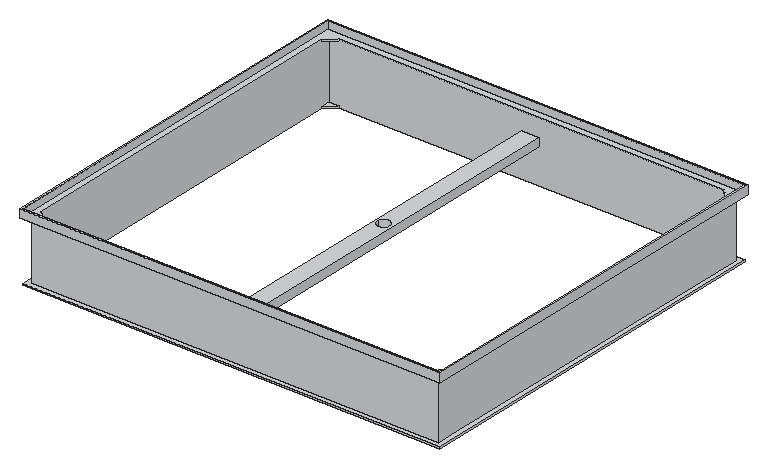
Revit family "Interceptor_Grease_Extension-Zurn-GT2700-6-EXT", category Plumbing Fixtures, Revit 2022
Family settings
  Round Connector Dimension = Use Radius
  Part Type = Normal
  OmniClass Number = 23.45.30.00
  OmniClass Title = Washing and Waste Disposal Equipment
  Work Plane-Based = No
  Always vertical = Yes
  Cut with Voids When Loaded = No
  Maintain Annotation Orientation = No
  Shared = No
  Room Calculation Point = No
Parameters (values of type "Load Family Type Catalog")
  Waste Connection = 1 = 1  # yes
  WFU = 1  # constant formula
  Vent Connection = 1 = 0  # no
  URL = "www.zurn.com"
  Type Comments = "JP2700-100-6-EXT"
  Product data url = "https://www.bimobject.com/en-us/zurnindustries/product/zurn-gt2700-6-ext"
  Product Page URL = "https://www.zurn.com/products/drainage-interceptors/interceptors/grease-interceptor/gt2700-6-ext"
  Product Documentation Link = "https://files.zurn.com/spec-sheets/jp2700.pdf"
  Modified Date = "01/07/2026"  # constant formula
  Model = "JP2700-6"
  Manufacurer Brand = "Zurn"  # constant formula
  Manufacturer = "Zurn Water, LLC"  # constant formula
  Main Material = Steel - Zurn  - A.R.E Coated
  HWFU = 0  # constant formula
  HW Connection = 1 = 0  # no
  Dimension "U" = 33.375"
  Dimension "R" = 36.250"
  Description = "GREASE TRAP EXTENSION"  # constant formula
  Default Elevation = 20.000"  # constant formula
  Date Created = "06/27/2025"  # constant formula
  CWFU = 0  # constant formula
  CW Connection = 1 = 0  # no
  Assembly Code = "D2090300"
  Approx. Weight (Lbs) = 30.000"
Reference planes (in)
  plane 1 "Center (Front/Back)": y = 0
  plane 2: z = 0
  plane 3 "Center (Left/Right)": x = 0
  plane 4: x = -18.125
  plane 5: x = 18.125
  plane 6: x = -18.25
  plane 7: x = 18.25
  plane 8: x = -17.844
  plane 9: x = 17.844
  plane 10: x = -17.969
  plane 11: x = 17.969
  plane 12: y = 16.6875
  plane 13: y = -16.6875
  plane 14: z = 5.25
  plane 15: z = 5.375
  plane 16 "Center L/S": z = 5.25
  plane 17 "Main": z = 6
  plane 18: z = 0.125
  plane 19: y = 16.8125
Forms (in)
  Sweep 1, solid, material "Steel - Zurn  - A.R.E Coated" <- "Main Material", detail levels fine
    path origin (0, 0, 6.75) x (-1, 0, 0) y (0, -1, 0)
      loop
        line (18.25, -16.6875) -> (18.25, 16.6875) -> (-18.25, 16.6875) -> (-18.25, -16.6875) -> (18.25, -16.6875)
    profile origin (0, 16.6875, 6.75) x (0, 1, 0) y (0, 0, 1)
      loop
        line (0.125, -0.75) -> (0, -0.75) -> (0, -1.375) -> (-0.5625, -1.375) -> (-0.5625, -6.75) -> (0, -6.75) -> (0, -6.625) -> (-0.4375, -6.625) -> (-0.4375, -1.5) -> (0.125, -1.5) -> (0.125, -0.75)
  Extrusion 2, solid, material "Steel - Zurn  - A.R.E Coated" <- "Main Material", detail levels fine
    sketch origin (0, 16.6875, 6.75) x (0, 1, 0) y (0, 0, 1)
      loop
        line (-0.69448, -2.875) -> (-32.68052, -2.875) -> (-32.68052, -3.625) -> (-0.69448, -3.625) -> (-0.69448, -2.875)
    from -0.75 to 0.75
  Extrusion 3, void
    sketch origin (0, 0, 0) x (1, 0, 0) y (0, 1, 0)
      loop
        circle (0, 0) r 0.5625
    from 3.125 to 3.875
  Extrusion 4, solid, material "Steel - Zurn  - A.R.E Coated" <- "Main Material", detail levels fine
    sketch origin (0, -0.01017, 0) x (1, 0, 0) y (0, 1, 0)
      loop
        line (-18.375, -14.67733) -> (-18.375, -16.67733) -> (-16.375, -16.67733) -> (-18.375, -14.67733)
      loop
        line (18.25, -14.67733) -> (16.25, -16.67733) -> (18.25, -16.67733) -> (18.25, -14.67733)
      loop
        line (-18.25, 14.6875) -> (-16.25, 16.6875) -> (-18.25, 16.6875) -> (-18.25, 14.6875)
      loop
        line (18.25, 14.6875) -> (18.25, 16.6875) -> (16.25, 16.6875) -> (18.25, 14.6875)
    from 5.25 to 5.375
  Extrusion 5, solid, material "Steel - Zurn  - A.R.E Coated" <- "Main Material", detail levels fine
    sketch origin (-0.09188, 0.10467, 0) x (1, 0, 0) y (0, 1, 0)
      loop
        line (-18.04853, -14.90175) -> (-18.04853, -16.68258) -> (-16.2677, -16.68258) -> (-18.04853, -14.90175)
      loop
        line (18.2323, -14.90175) -> (16.45147, -16.68258) -> (18.2323, -16.68258) -> (18.2323, -14.90175)
      loop
        line (-18.04853, 14.68225) -> (-16.25753, 16.47325) -> (-18.04853, 16.47325) -> (-18.04853, 14.68225)
      loop
        line (18.2323, 14.68225) -> (18.2323, 16.47325) -> (16.4413, 16.47325) -> (18.2323, 14.68225)
    from 0 to 0.125
Cuts and joins
  Extrusion 3 cuts Extrusion 2
  joined: Sweep 1, Extrusion 4, Extrusion 5
Lines and regions (in)
  Masking region 1, detail levels fine
    outline origin (0, 0, 0) x (1, 0, 0) y (0, 1, 0)
      loop
        line (-18.25, 16.6875) -> (-18.25, -16.6875) -> (18.25, -16.6875) -> (18.25, 16.6875) -> (-18.25, 16.6875)
  model lines, detail levels coarse+medium
    curve 1: line (-18.25, 16.6875, 6) -> (18.25, 16.6875, 6)
    curve 2: line (-18.25, -16.6875, 6) -> (-18.25, 16.6875, 6)
    curve 3: line (18.25, -16.6875, 6) -> (-18.25, -16.6875, 6)
    curve 4: line (18.25, 16.6875, 6) -> (18.25, -16.6875, 6)
    curve 5: line (18.25, 0, 6) -> (18.25, 0, 5.25)
    curve 6: line (18.25, 0, 5.25) -> (17.844, 0, 5.25)
    curve 7: line (-18.25, 0, 6) -> (-18.25, 0, 5.25)
    curve 8: line (-18.25, 0, 5.25) -> (-17.844, 0, 5.25)
    curve 9: line (17.844, 0, 5.25) -> (17.844, 0, 0)
    curve 10: line (17.844, 0, 0) -> (-17.844, 0, 0)
    curve 11: line (-17.844, 0, 0) -> (-17.844, 0, 5.25)
Dimensions and locks (in)
  equal spacing: plane 4, plane 3 "Center (Left/Right)", plane 5
  "Dimension "R"": plane 4 to plane 5
  locked: plane 6 to plane 4 at 0.125
  locked: plane 5 to plane 7 at 0.125
  locked: plane 10 to plane 8 at 0.125
  locked: plane 4 to plane 10 at 0.156
  locked: plane 9 to plane 11 at 0.125
  locked: plane 11 to plane 5 at 0.156
  equal spacing: plane 12, plane 1 "Center (Front/Back)", plane 13
  "Dimension "U"": plane 12 to plane 13
  locked: Extrusion 2 sketch curve to Extrusion 2 sketch curve at 0.75
  Extrusion 2 to plane 3 "Center (Left/Right)" to Extrusion 2 = 0.750" locked, 0.750" locked
  locked: Extrusion 4 sketch curve to Extrusion 4 sketch curve at 2  (x8)
  Extrusion 5 sketch curve to Extrusion 5 sketch curve = 1.78083"  (x4)
  Extrusion 5 sketch curve to Extrusion 5 sketch curve = 1.791"  (x4)
  locked: plane 15 to plane 14 at 0.125
  locked: plane 15 to plane 16 "Center L/S" at 0.125
  locked: plane 17 "Main" to level at 6
  locked: plane 17 "Main" to plane 16 "Center L/S" at 0.75
  locked: plane 17 "Main" to Extrusion 2 sketch curve at 2.125
  plane 17 "Main" to level = 6.000"
  locked: plane 18 to level at 0.125
  Sweep 1 sketch curve to Sweep 1 sketch curve = 0.125"
  plane 12 to plane 13 = 33.375"
  locked: plane 19 to plane 12 at 0.125
  locked: plane 19 to Sweep 1 sketch curve at 0.5625
  locked: Sweep 1 sketch curve to Sweep 1 sketch curve at 0.125
  aligned and locked: plane 2 to level
  aligned and locked: plane 6 to Sweep 1 sketch curve
  aligned and locked: Sweep 1 sketch curve to plane 7
  aligned and locked: Sweep 1 sketch curve to plane 12
  aligned and locked: Sweep 1 sketch curve to plane 13
  aligned and locked: plane 3 "Center (Left/Right)" to Extrusion 3 sketch curve
  aligned and locked: plane 1 "Center (Front/Back)" to Extrusion 3 sketch curve
  aligned and locked: Extrusion 4 sketch curve to plane 13
  aligned and locked: Sweep 1 to Extrusion 4 sketch curve
  aligned and locked: Extrusion 5 sketch curve to Extrusion 4
  aligned and locked: Extrusion 4 to Extrusion 5 sketch curve
  aligned and locked: plane 6 to Masking region 1 sketch curve
  aligned and locked: Masking region 1 sketch curve to plane 12
  aligned and locked: Masking region 1 sketch curve to plane 7
  aligned and locked: Masking region 1 sketch curve to plane 13
  aligned and locked: curve 4 to plane 12
  aligned and locked: plane 12 to curve 1
  aligned and locked: curve 3 to plane 13
  aligned and locked: plane 7 to curve 6
  aligned and locked: plane 6 to curve 8
  aligned and locked: plane 6 to curve 2  (x2)
  aligned and locked: plane 13 to curve 4
  aligned and locked: curve 5 to plane 7
  aligned and locked: curve 7 to plane 6
  aligned and locked: plane 17 "Main" to Sweep 1 sketch curve
  aligned and locked: plane 15 to Sweep 1 sketch curve
  aligned and locked: plane 16 "Center L/S" to Sweep 1 sketch curve
  aligned and locked: Extrusion 4 to Sweep 1  (x2)
  aligned and locked: plane 14 to curve 6
  aligned and locked: plane 17 "Main" to curve 3
  aligned and locked: plane 8 to curve 11
  aligned and locked: level to curve 10
  aligned and locked: curve 9 to plane 9
  aligned and locked: curve 1 to plane 17 "Main"
  aligned and locked: plane 16 "Center L/S" to curve 8
  aligned and locked: Sweep 1 sketch curve to level
  aligned and locked: plane 18 to Sweep 1 sketch curve
  aligned and locked: Sweep 1 to Extrusion 5
  aligned and locked: Extrusion 5 to level
  aligned and locked: Extrusion 2 to Extrusion 3  (x2)
  aligned and locked: curve 4 to plane 7
  aligned and locked: plane 19 to Sweep 1 sketch curve
  aligned and locked: plane 12 to Sweep 1 sketch curve
Automatic sketch dimensions
  Extrusion 4 sketch curve to plane 6 = 0.000"
  plane 13 to Extrusion 4 sketch curve = 0.000"
  Extrusion 4 sketch curve to plane 7 = 0.000"  (x2)
  Extrusion 4 sketch curve to plane 12 = 2.01017"  (x2)
  Extrusion 2 sketch curve to plane 13 = 0.69448"
  Extrusion 2 sketch curve to plane 12 = 0.69448"
  curve 5 to plane 17 "Main" = 0.000"
  curve 7 to plane 17 "Main" = 0.000"
  Extrusion 5 sketch curve to plane 4 = 0.01542"  (x2)
  Extrusion 5 sketch curve to plane 12 = 0.10958"
  Extrusion 5 sketch curve to plane 13 = 0.10958"  (x2)
  Extrusion 5 sketch curve to plane 9 = 1.48442"
  radius of Extrusion 3 sketch curve = 0.5625"
Types in the file's own list only (10): name | Type Comments | Model | Dimension "U" | Dimension "R" | Default Elevation | Approx. Weight (Lbs)
  JP2700-4-6 | "JP2700-4-6-EXT" | "GT2700-6-EXT" | 9.625 " | 13.250 " | 20.000 " | 11.000 "
  JP2700-7-6 | "JP2700-7-6-EXT" | "GT2700-6-EXT" | 11.625 " | 14.625 " | 20.000 " | 13.000 "
  JP2700-10-6 | "JP2700-10-6-EXT" | "GT2700-6-EXT" | 13.750 " | 16.625 " | 20.000 " | 15.000 "
  JP2700-15-6 | "JP2700-15-6-EXT" | "GT2700-6-EXT" | 16.500 " | 18.625 " | 20.000 " | 17.000 "
  JP2700-20-6 | "JP2700-20-6-EXT" | "GT2700-6-EXT" | 17.000 " | 21.500 " | 20.000 " | 19.000 "
  JP2700-25-6 | "JP2700-25-6-EXT" | "GT2700-6-EXT" | 19.625 " | 23.500 " | 20.000 " | 21.000 "
  JP2700-35-6 | "JP2700-35-6-EXT" | "GT2700-6-EXT" | 22.250 " | 23.375 " | 20.000 " | 23.000 "
  JP2700-50-6 | "JP2700-50-6-EXT" | "GT2700-6-EXT" | 24.250 " | 27.250 " | 20.000 " | 25.000 "
  JP2700-75-6 | "JP2700-75-6-EXT" | "GT2700-6-EXT" | 28.375 " | 32.250 " | 20.000 " | 27.000 "
  JP2700-100-6 | "JP2700-100-6-EXT" | "GT2700-6-EXT" | 33.375 " | 36.250 " | 20.000 " | 30.000 "
